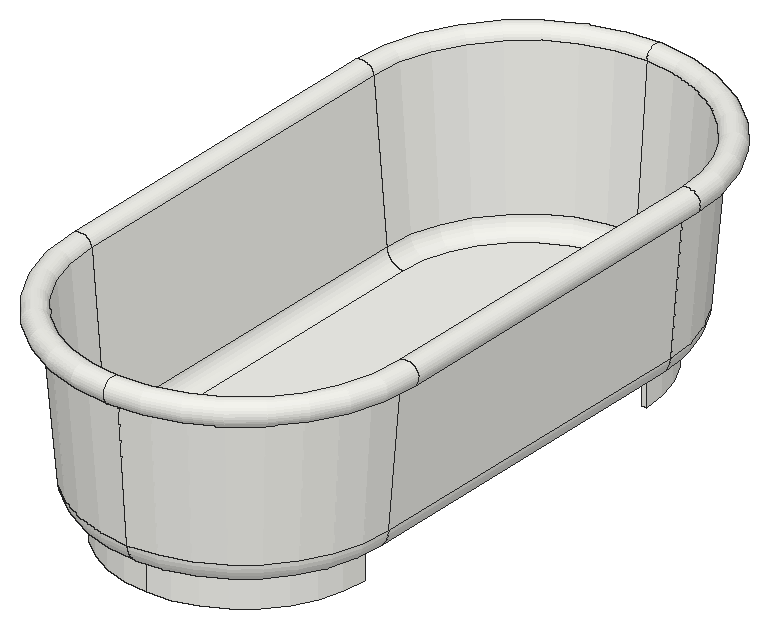
Revit family "BATH1", category Plumbing Fixtures, Revit 2023
Family settings
  Round Connector Dimension = Use Diameter
  Part Type = Normal
  Work Plane-Based = No
  Enable Cutting in Views = No
  Always vertical = Yes
  Cut with Voids When Loaded = No
  Maintain Annotation Orientation = No
  Shared = No
  Room Calculation Point = No
Parameters (values of type "760x1525x760mm")
  Keynote = "N13/220"
  Height = 460.00 mm
  Length = 1525.00 mm
  Material Bath = Porcelain - Ivory
  Width = 760.00 mm
  Default Elevation = 0.00 mm
  Assembly Code = "D2010510"
Reference planes
  plane 1 "Center (Front/Back)": y = 0
  plane 2: z = 0
  plane 3 "Center (Left/Right)": x = 0
  plane 4: x = 380
  plane 5: x = -380
  plane 6: y = 762.5
  plane 7: y = -762.5
  plane 8: z = 434.6
  plane 9: z = 66.3
  plane 10: z = 460
Forms (mm)
  Sweep 1, solid, material "Porcelain - Ivory"
    path origin (0, 0, 434.6) x (1, 0, 0) y (0, 1, 0)
      loop
        arc (329.2, 382.5) -> (232.78, 615.28) -> (0, 711.7) r 329.2
        arc (0, 711.7) -> (-232.78, 615.28) -> (-329.2, 382.5) r 329.2
        line (-329.2, 382.5) -> (-329.2, -382.5)
        arc (-329.2, -382.5) -> (-232.78, -615.28) -> (0, -711.7) r 329.2
        arc (0, -711.7) -> (232.78, -615.28) -> (329.2, -382.5) r 329.2
        line (329.2, -382.5) -> (329.2, 382.5)
    profile origin (0, 0, 434.6) x (1, 0, 0) y (0, 0, 1)
      loop
        line (329.456, 3.598) -> (301.237, -318.943)
        arc (301.237, -318.943) -> (289.022, -343.713) -> (263.282, -353.723) r 38.1
        line (263.282, -353.723) -> (263.282, -368.646)
        arc (263.282, -368.646) -> (299.105, -354.716) -> (316.105, -320.244) r 53.024
        line (316.105, -320.244) -> (341.9, -25.4) -> (354.6, -25.4)
        arc (354.6, -25.4) -> (373.791, 16.64) -> (329.456, 3.598) r 25.4
  Extrusion 2, solid, material "Porcelain - Ivory"
    sketch origin (0, 0, 66.3) x (0, -1, 0) y (1, 0, 0)
      loop
        line (-382.5, -263.282) -> (382.5, -263.282)
        arc (382.5, -263.282) -> (568.669, -186.169) -> (645.782, 0) r 263.282
        arc (645.782, 0) -> (568.669, 186.169) -> (382.5, 263.282) r 263.282
        line (382.5, 263.282) -> (-382.5, 263.282)
        arc (-382.5, 263.282) -> (-568.669, 186.169) -> (-645.782, 0) r 263.282
        arc (-645.782, 0) -> (-568.669, -186.169) -> (-382.5, -263.282) r 263.282
    from 0 to 15.081
  Extrusion 3, solid, material "Porcelain - Ivory"
    sketch origin (0, 0, 0) x (1, 0, 0) y (0, 1, 0)
      loop
        arc (-263.282, -382.5) -> (-186.169, -568.669) -> (0, -645.782) r 263.282
        arc (0, -645.782) -> (186.169, -568.669) -> (263.282, -382.5) r 263.282
        line (263.282, -382.5) -> (253, -382.5)
        arc (253, -382.5) -> (178.898, -561.398) -> (0, -635.5) r 253
        arc (0, -635.5) -> (-178.898, -561.398) -> (-253, -382.5) r 253
        line (-253, -382.5) -> (-263.282, -382.5)
    from 0 to 66.3
  Extrusion 4, solid, material "Porcelain - Ivory"
    sketch origin (0, 0, 0) x (1, 0, 0) y (0, 1, 0)
      loop
        arc (-253, 382.5) -> (-178.898, 561.398) -> (0, 635.5) r 253
        arc (0, 635.5) -> (178.898, 561.398) -> (253, 382.5) r 253
        line (253, 382.5) -> (263.282, 382.5)
        arc (263.282, 382.5) -> (186.169, 568.669) -> (0, 645.782) r 263.282
        arc (0, 645.782) -> (-186.169, 568.669) -> (-263.282, 382.5) r 263.282
        line (-263.282, 382.5) -> (-253, 382.5)
    from 0 to 66.3
Cuts and joins
  joined: Sweep 1, Extrusion 2
Lines and regions (mm)
  Masking region 1
    outline origin (-1165.921, 740.118, 0) x (1, 0, 0) y (0, 1, 0)
      loop
        arc (1140.521, 22.382) -> (889.781, -81.478) -> (785.921, -332.218) r 354.6
        line (785.921, -332.218) -> (785.921, -1148.018)
        arc (785.921, -1148.018) -> (889.781, -1398.758) -> (1140.521, -1502.618) r 354.6
        line (1140.521, -1502.618) -> (1191.321, -1502.618)
        arc (1191.321, -1502.618) -> (1442.061, -1398.758) -> (1545.921, -1148.018) r 354.6
        line (1545.921, -1148.018) -> (1545.921, -332.218)
        arc (1545.921, -332.218) -> (1442.061, -81.478) -> (1191.321, 22.382) r 354.6
        line (1191.321, 22.382) -> (1140.521, 22.382)
  symbolic lines
    curve 1: line (-25.4, 762.5, 0) -> (25.4, 762.5, 0)
    curve 2: line (-380, -407.9, 0) -> (-380, 407.9, 0)
    curve 3: line (25.4, -762.5, 0) -> (-25.4, -762.5, 0)
    curve 4: line (380, 407.9, 0) -> (380, -407.9, 0)
    curve 5: arc (-25.4, 762.5, 0) -> (-276.14, 658.64, 0) -> (-380, 407.9, 0) r 354.6
    curve 6: arc (25.4, 762.5, 0) -> (276.14, 658.64, 0) -> (380, 407.9, 0) r 354.6
    curve 7: arc (-25.4, -762.5, 0) -> (-276.14, -658.64, 0) -> (-380, -407.9, 0) r 354.6
    curve 8: arc (380, -407.9, 0) -> (276.14, -658.64, 0) -> (25.4, -762.5, 0) r 354.6
    curve 9: line (-329.2, -382.5, 0) -> (-329.2, 382.5, 0)
    curve 10: line (329.2, 382.5, 0) -> (329.2, -382.5, 0)
    curve 11: arc (-329.2, 382.5, 0) -> (0, 711.7, 0) -> (329.2, 382.5, 0) r 329.2
    curve 12: arc (-329.2, -382.5, 0) -> (0, -711.7, 0) -> (329.2, -382.5, 0) r 329.2
    curve 13: arc (25.4, 407.9, 0) -> (0, 433.3, 0) -> (-25.4, 407.9, 0) r 25.4
    curve 14: arc (-25.4, 407.9, 0) -> (0, 382.5, 0) -> (25.4, 407.9, 0) r 25.4
Dimensions and locks
  equal spacing: plane 5, plane 3 "Center (Left/Right)", plane 4
  equal spacing: plane 7, plane 1 "Center (Front/Back)", plane 6
  "Width": plane 5 to plane 4
  "Length": plane 7 to plane 6
  locked: plane 9 to plane 8 at 368.3
  locked: plane 8 to plane 10 at 25.4
  "Height": plane 2 to plane 10
  locked: Sweep 1 sketch curve to plane 6 at 50.8
  locked: plane 7 to Sweep 1 sketch curve at 50.8
  locked: plane 7 to Extrusion 2 sketch curve at 116.718
  locked: plane 7 to Extrusion 3 sketch curve at 116.718
  locked: Extrusion 4 sketch curve to plane 6 at 116.718
  locked: Extrusion 4 sketch curve to plane 4 at 116.718
  aligned and locked: Extrusion 3 to plane 9
  aligned and locked: Extrusion 4 to plane 9
  aligned and locked: Masking region 1 sketch curve to curve 5
  aligned and locked: Masking region 1 sketch curve to curve 7
  aligned and locked: Masking region 1 sketch curve to curve 8
  aligned and locked: Masking region 1 sketch curve to curve 6
Automatic sketch dimensions
  curve 7 to plane 5 = 0.00 mm
  curve 5 to plane 6 = 0.00 mm
  curve 3 to plane 7 = 0.00 mm
  curve 13 to plane 3 "Center (Left/Right)" = 0.00 mm
  curve 11 to plane 3 "Center (Left/Right)" = 0.00 mm
  curve 4 to plane 4 = 0.00 mm
  curve 11 to plane 5 = 50.80 mm
  curve 14 to plane 3 "Center (Left/Right)" = 25.40 mm
  curve 5 to plane 3 "Center (Left/Right)" = 25.40 mm
  curve 7 to plane 3 "Center (Left/Right)" = 25.40 mm
  plane 3 "Center (Left/Right)" to curve 3 = 25.40 mm
  curve 6 to curve 13 = 0.00 mm
  curve 4 to curve 10 = 25.40 mm
  curve 9 to curve 2 = 25.40 mm
  curve 13 to curve 6 = 0.00 mm
  Sweep 1 sketch curve to plane 8 = 0.00 mm
  profile plane to Sweep 1 sketch curve = 65.918 mm
  profile plane to Sweep 1 sketch curve = 27.963 mm
  profile plane to Sweep 1 sketch curve = 13.095 mm
  Sweep 1 sketch curve to profile plane = 0.256 mm
  Sweep 1 sketch curve to profile plane = 12.70 mm
  Sweep 1 sketch curve to Sweep 1 sketch curve = 12.70 mm
  Sweep 1 sketch curve to Sweep 1 sketch curve = 25.40 mm
  Sweep 1 sketch curve to Sweep 1 sketch curve = 290.223 mm
  Sweep 1 sketch curve to Sweep 1 sketch curve = 0.00 mm
  Sweep 1 sketch curve to Sweep 1 sketch curve = 3.321 mm
  Sweep 1 sketch curve to Sweep 1 sketch curve = 1.301 mm
  Sweep 1 sketch curve to plane 3 "Center (Left/Right)" = 0.00 mm  (x2)
  Sweep 1 sketch curve to plane 5 = 50.80 mm
  plane 4 to Sweep 1 sketch curve = 50.80 mm
  Extrusion 2 sketch curve to plane 3 "Center (Left/Right)" = 0.00 mm  (x2)
  plane 6 to Extrusion 2 sketch curve = 116.718 mm
  plane 4 to Extrusion 2 sketch curve = 116.718 mm
  Extrusion 2 sketch curve to Extrusion 2 sketch curve = 0.00 mm
  Extrusion 3 sketch curve to plane 3 "Center (Left/Right)" = 0.00 mm  (x2)
  Extrusion 3 sketch curve to plane 5 = 127.00 mm
  Extrusion 3 sketch curve to Extrusion 3 sketch curve = 10.282 mm
  plane 4 to Extrusion 3 sketch curve = 127.00 mm
  Extrusion 4 sketch curve to plane 3 "Center (Left/Right)" = 0.00 mm  (x2)
  Extrusion 4 sketch curve to plane 5 = 127.00 mm
  Extrusion 4 sketch curve to Extrusion 4 sketch curve = 10.282 mm
